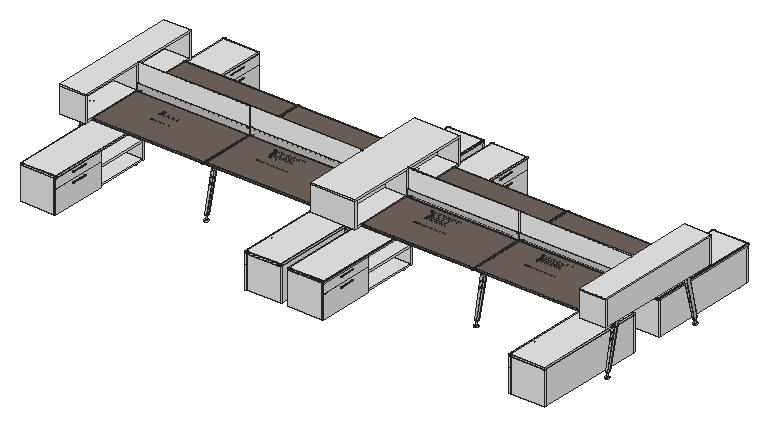
Revit family "T200005", category Furniture, Revit 2015 (continued)
Definition of nested family "OFS_ELEVEN-WORKSPACE_BASES_BENCHING_8-PERSON"
  Forms (in)
    Extrusion 85, solid
      sketch origin (47, 0, 0) x (0, 1, 0) y (0, 0, 1)
        loop
          line (-15.32549, 25.79204) -> (-14.82888, 25.79204) -> (-14.81062, 26.14068) -> (-14.70161, 26.14068) -> (-14.6367, 26.02826) -> (-14.55456, 26.02826) -> (-14.486, 26.14068) -> (-14.486, 27.39504) -> (-14.55456, 27.51378) -> (-14.63287, 27.51378) -> (-14.7049, 27.39567) -> (-14.81032, 27.39567) -> (-14.82888, 27.75) -> (-15.32549, 27.75) -> (-15.34405, 27.39567) -> (-15.44948, 27.39567) -> (-15.52151, 27.51378) -> (-15.59982, 27.51378) -> (-15.668, 27.39569) -> (-15.668, 26.14006) -> (-15.59982, 26.02826) -> (-15.51767, 26.02826) -> (-15.45276, 26.14068) -> (-15.34375, 26.14068) -> (-15.32549, 25.79204)
      from -94.01414 to -47.98586
    Extrusion 86, solid
      sketch origin (47, 0, 0) x (0, -1, 0) y (0, 0, -1)
        loop
          line (-15.32549, -25.79204) -> (-15.34375, -26.14068) -> (-15.45276, -26.14068) -> (-15.51767, -26.02826) -> (-15.59982, -26.02826) -> (-15.668, -26.14006) -> (-15.668, -27.39569) -> (-15.59982, -27.51378) -> (-15.52151, -27.51378) -> (-15.44948, -27.39567) -> (-15.34405, -27.39567) -> (-15.32549, -27.75) -> (-14.82888, -27.75) -> (-14.81032, -27.39567) -> (-14.7049, -27.39567) -> (-14.63287, -27.51378) -> (-14.55456, -27.51378) -> (-14.486, -27.39504) -> (-14.486, -26.14068) -> (-14.55456, -26.02826) -> (-14.6367, -26.02826) -> (-14.70161, -26.14068) -> (-14.81062, -26.14068) -> (-14.82888, -25.79204) -> (-15.32549, -25.79204)
      from -94.01414 to -47.98586
    Extrusion 87, solid
      sketch origin (95, 0, 0) x (0, 1, 0) y (0, 0, 1)
        loop
          line (-15.32549, 25.79204) -> (-14.82888, 25.79204) -> (-14.81062, 26.14068) -> (-14.70161, 26.14068) -> (-14.6367, 26.02826) -> (-14.55456, 26.02826) -> (-14.486, 26.14068) -> (-14.486, 27.39504) -> (-14.55456, 27.51378) -> (-14.63287, 27.51378) -> (-14.7049, 27.39567) -> (-14.81032, 27.39567) -> (-14.82888, 27.75) -> (-15.32549, 27.75) -> (-15.34405, 27.39567) -> (-15.44948, 27.39567) -> (-15.52151, 27.51378) -> (-15.59982, 27.51378) -> (-15.668, 27.39569) -> (-15.668, 26.14006) -> (-15.59982, 26.02826) -> (-15.51767, 26.02826) -> (-15.45276, 26.14068) -> (-15.34375, 26.14068) -> (-15.32549, 25.79204)
      from -94.01414 to -47.98586
    Extrusion 88, solid
      sketch origin (95, 0, 0) x (0, -1, 0) y (0, 0, -1)
        loop
          line (-15.32549, -25.79204) -> (-15.34375, -26.14068) -> (-15.45276, -26.14068) -> (-15.51767, -26.02826) -> (-15.59982, -26.02826) -> (-15.668, -26.14006) -> (-15.668, -27.39569) -> (-15.59982, -27.51378) -> (-15.52151, -27.51378) -> (-15.44948, -27.39567) -> (-15.34405, -27.39567) -> (-15.32549, -27.75) -> (-14.82888, -27.75) -> (-14.81032, -27.39567) -> (-14.7049, -27.39567) -> (-14.63287, -27.51378) -> (-14.55456, -27.51378) -> (-14.486, -27.39504) -> (-14.486, -26.14068) -> (-14.55456, -26.02826) -> (-14.6367, -26.02826) -> (-14.70161, -26.14068) -> (-14.81062, -26.14068) -> (-14.82888, -25.79204) -> (-15.32549, -25.79204)
      from -94.01414 to -47.98586
    Extrusion 89, solid
      sketch origin (92, 0, 0) x (1, 0, 0) y (0, 0, 1)
        loop
          line (-43.01414, 27.75) -> (-43.14405, 27.75) -> (-43.16234, 27.40137) -> (-43.27135, 27.40137) -> (-43.33627, 27.51378) -> (-43.41839, 27.51378) -> (-43.4866, 27.40137) -> (-43.4866, 26.14638) -> (-43.41839, 26.02826) -> (-43.33627, 26.02826) -> (-43.26806, 26.14067) -> (-43.16234, 26.14067) -> (-43.14405, 25.79204) -> (-43.01414, 25.79204) -> (-43.01414, 27.75)
        loop
          line (-44.98586, 27.75) -> (-44.98586, 25.79204) -> (-44.85595, 25.79204) -> (-44.83766, 26.14067) -> (-44.73194, 26.14067) -> (-44.66373, 26.02826) -> (-44.58161, 26.02826) -> (-44.5134, 26.14638) -> (-44.5134, 27.40137) -> (-44.58161, 27.51378) -> (-44.66373, 27.51378) -> (-44.72865, 27.40137) -> (-44.83766, 27.40137) -> (-44.85595, 27.75) -> (-44.98586, 27.75)
      from 15.825 to -15.825
    Extrusion 90, solid
      sketch origin (86, 0, 0) x (1, 0, 0) y (0, 0, 1)
        loop
          line (-43.01414, 27.75) -> (-43.14405, 27.75) -> (-43.16234, 27.40137) -> (-43.27135, 27.40137) -> (-43.33627, 27.51378) -> (-43.41839, 27.51378) -> (-43.4866, 27.40137) -> (-43.4866, 26.14638) -> (-43.41839, 26.02826) -> (-43.33627, 26.02826) -> (-43.26806, 26.14067) -> (-43.16234, 26.14067) -> (-43.14405, 25.79204) -> (-43.01414, 25.79204) -> (-43.01414, 27.75)
        loop
          line (-44.98586, 27.75) -> (-44.98586, 25.79204) -> (-44.85595, 25.79204) -> (-44.83766, 26.14067) -> (-44.73194, 26.14067) -> (-44.66373, 26.02826) -> (-44.58161, 26.02826) -> (-44.5134, 26.14638) -> (-44.5134, 27.40137) -> (-44.58161, 27.51378) -> (-44.66373, 27.51378) -> (-44.72865, 27.40137) -> (-44.83766, 27.40137) -> (-44.85595, 27.75) -> (-44.98586, 27.75)
      from 14.486 to -14.486
    Extrusion 91, solid
      sketch origin (46, -25, 0) x (1, 0, 0) y (0, 0, -1)
        loop
          line (-4.85595, -27.75) -> (-3.14405, -27.75) -> (-3.16234, -27.40137) -> (-3.27135, -27.40137) -> (-3.33627, -27.51378) -> (-3.41839, -27.51378) -> (-3.4866, -27.40137) -> (-3.4866, -26.14638) -> (-3.41839, -26.02826) -> (-3.33627, -26.02826) -> (-3.26806, -26.14067) -> (-3.16234, -26.14067) -> (-3.14405, -25.79204) -> (-4.85595, -25.79204) -> (-4.83766, -26.14067) -> (-4.73194, -26.14067) -> (-4.66373, -26.02826) -> (-4.58161, -26.02826) -> (-4.5134, -26.14638) -> (-4.5134, -27.40137) -> (-4.58161, -27.51378) -> (-4.66373, -27.51378) -> (-4.72865, -27.40137) -> (-4.83766, -27.40137) -> (-4.85595, -27.75)
      from 10.7576 to 11.87112
    Extrusion 92, solid
      sketch origin (67.75, 0, 0) x (0, 1, 0) y (0, 0, 1)
        loop
          line (-14.82888, 27.75) -> (-14.81032, 27.39567) -> (-14.7049, 27.39567) -> (-14.63287, 27.51378) -> (-14.55456, 27.51378) -> (-14.486, 27.39504) -> (-14.2424, 27.39504) -> (-14.2424, 27.75) -> (-14.82888, 27.75)
        loop
          line (-14.82888, 25.79204) -> (-14.2424, 25.79204) -> (-14.2424, 26.147) -> (-14.486, 26.147) -> (-14.55456, 26.02826) -> (-14.63287, 26.02826) -> (-14.7049, 26.14638) -> (-14.81032, 26.14638) -> (-14.82888, 25.79204)
      from -24.91234 to -26.58766
    Extrusion 93, solid
      sketch origin (64.75, 0, 0) x (0, -1, 0) y (0, 0, -1)
        loop
          line (-14.82888, -27.75) -> (-14.2424, -27.75) -> (-14.2424, -27.39504) -> (-14.486, -27.39504) -> (-14.55456, -27.51378) -> (-14.63287, -27.51378) -> (-14.7049, -27.39567) -> (-14.81032, -27.39567) -> (-14.82888, -27.75)
        loop
          line (-14.82888, -25.79204) -> (-14.81032, -26.14638) -> (-14.7049, -26.14638) -> (-14.63287, -26.02826) -> (-14.55456, -26.02826) -> (-14.486, -26.147) -> (-14.2424, -26.147) -> (-14.2424, -25.79204) -> (-14.82888, -25.79204)
      from -21.89405 to -23.60595
    Extrusion 94, solid
      sketch origin (46, 25, 0) x (1, 0, 0) y (0, 0, 1)
        loop
          line (-4.85595, 27.75) -> (-4.83766, 27.40137) -> (-4.72865, 27.40137) -> (-4.66373, 27.51378) -> (-4.58161, 27.51378) -> (-4.5134, 27.40137) -> (-4.5134, 26.14638) -> (-4.58161, 26.02826) -> (-4.66373, 26.02826) -> (-4.73194, 26.14067) -> (-4.83766, 26.14067) -> (-4.85595, 25.79204) -> (-3.14405, 25.79204) -> (-3.16234, 26.14067) -> (-3.26806, 26.14067) -> (-3.33627, 26.02826) -> (-3.41839, 26.02826) -> (-3.4866, 26.14638) -> (-3.4866, 27.40137) -> (-3.41839, 27.51378) -> (-3.33627, 27.51378) -> (-3.27135, 27.40137) -> (-3.16234, 27.40137) -> (-3.14405, 27.75) -> (-4.85595, 27.75)
      from 11.87112 to 10.7576
    Extrusion 95, solid
      sketch origin (16, 11.105, 0) x (-1, 0, 0) y (0, 0, -1)
        loop
          line (-26.85595, -27.75) -> (-25.14405, -27.75) -> (-25.16234, -27.40137) -> (-25.27135, -27.40137) -> (-25.33627, -27.51378) -> (-25.41839, -27.51378) -> (-25.4866, -27.40137) -> (-25.4866, -26.14638) -> (-25.41839, -26.02826) -> (-25.33627, -26.02826) -> (-25.26806, -26.14067) -> (-25.16234, -26.14067) -> (-25.14405, -25.79204) -> (-26.85595, -25.79204) -> (-26.83766, -26.14067) -> (-26.73194, -26.14067) -> (-26.66373, -26.02826) -> (-26.58161, -26.02826) -> (-26.5134, -26.14638) -> (-26.5134, -27.40137) -> (-26.58161, -27.51378) -> (-26.66373, -27.51378) -> (-26.72865, -27.40137) -> (-26.83766, -27.40137) -> (-26.85595, -27.75)
      from 9.175 to 13.035
    Extrusion 96, solid, visible <- "END-CNTR-END"
      sketch origin (16, 0, 27.75) x (0, 1, 0) y (-1, 0, 0)
        loop
          line (0.59, -26.545) -> (0.59, -25.455)
          arc (0.59, -25.455) -> (0.50799, -25.25701) -> (0.31, -25.175) r 0.28
          line (0.31, -25.175) -> (-0.31, -25.175)
          arc (-0.31, -25.175) -> (-0.50799, -25.25701) -> (-0.59, -25.455) r 0.28
          line (-0.59, -25.455) -> (-0.59, -26.545)
          arc (-0.59, -26.545) -> (-0.50799, -26.74299) -> (-0.31, -26.825) r 0.28
          line (-0.31, -26.825) -> (0.31, -26.825)
          arc (0.31, -26.825) -> (0.50799, -26.74299) -> (0.59, -26.545) r 0.28
      from 0.20214 to 0
    Extrusion 97, solid, visible <- "END-CNTR-END"
      sketch origin (16.355, -0.245, 28.04803) x (0, 1, 0) y (-1, 0, 0)
        loop
          line (0.59, -26.545) -> (0.59, -24.74161)
          arc (0.59, -24.74161) -> (0.50799, -24.54362) -> (0.31, -24.46161) r 0.28
          line (0.31, -24.46161) -> (0.18, -24.46161)
          arc (0.18, -24.46161) -> (-0.01799, -24.54362) -> (-0.1, -24.74161) r 0.28
          line (-0.1, -24.74161) -> (-0.1, -26.545)
          arc (-0.1, -26.545) -> (-0.01799, -26.74299) -> (0.18, -26.825) r 0.28
          line (0.18, -26.825) -> (0.31, -26.825)
          arc (0.31, -26.825) -> (0.50799, -26.74299) -> (0.59, -26.545) r 0.28
      from 0.19939 to 0.00254
    Extrusion 98, solid
      sketch origin (68, 0, 0) x (1, 0, 0) y (0, 0, 1)
        loop
          line (-43.01414, 27.75) -> (-43.14405, 27.75) -> (-43.16234, 27.40137) -> (-43.27135, 27.40137) -> (-43.33627, 27.51378) -> (-43.41839, 27.51378) -> (-43.4866, 27.40137) -> (-43.4866, 26.14638) -> (-43.41839, 26.02826) -> (-43.33627, 26.02826) -> (-43.26806, 26.14067) -> (-43.16234, 26.14067) -> (-43.14405, 25.79204) -> (-43.01414, 25.79204) -> (-43.01414, 27.75)
        loop
          line (-44.98586, 27.75) -> (-44.98586, 25.79204) -> (-44.85595, 25.79204) -> (-44.83766, 26.14067) -> (-44.73194, 26.14067) -> (-44.66373, 26.02826) -> (-44.58161, 26.02826) -> (-44.5134, 26.14638) -> (-44.5134, 27.40137) -> (-44.58161, 27.51378) -> (-44.66373, 27.51378) -> (-44.72865, 27.40137) -> (-44.83766, 27.40137) -> (-44.85595, 27.75) -> (-44.98586, 27.75)
      from 14.486 to -14.486
    Extrusion 99, solid
      sketch origin (28, -25, 0) x (1, 0, 0) y (0, 0, -1)
        loop
          line (-4.85595, -27.75) -> (-3.14405, -27.75) -> (-3.16234, -27.40137) -> (-3.27135, -27.40137) -> (-3.33627, -27.51378) -> (-3.41839, -27.51378) -> (-3.4866, -27.40137) -> (-3.4866, -26.14638) -> (-3.41839, -26.02826) -> (-3.33627, -26.02826) -> (-3.26806, -26.14067) -> (-3.16234, -26.14067) -> (-3.14405, -25.79204) -> (-4.85595, -25.79204) -> (-4.83766, -26.14067) -> (-4.73194, -26.14067) -> (-4.66373, -26.02826) -> (-4.58161, -26.02826) -> (-4.5134, -26.14638) -> (-4.5134, -27.40137) -> (-4.58161, -27.51378) -> (-4.66373, -27.51378) -> (-4.72865, -27.40137) -> (-4.83766, -27.40137) -> (-4.85595, -27.75)
      from 10.7576 to 11.87112
    Extrusion 100, solid
      sketch origin (52.75, 0, 0) x (0, 1, 0) y (0, 0, 1)
        loop
          line (-14.82888, 27.75) -> (-14.81032, 27.39567) -> (-14.7049, 27.39567) -> (-14.63287, 27.51378) -> (-14.55456, 27.51378) -> (-14.486, 27.39504) -> (-14.2424, 27.39504) -> (-14.2424, 27.75) -> (-14.82888, 27.75)
        loop
          line (-14.82888, 25.79204) -> (-14.2424, 25.79204) -> (-14.2424, 26.147) -> (-14.486, 26.147) -> (-14.55456, 26.02826) -> (-14.63287, 26.02826) -> (-14.7049, 26.14638) -> (-14.81032, 26.14638) -> (-14.82888, 25.79204)
      from -27.91234 to -29.58766
    Extrusion 101, solid
      sketch origin (49.75, 0, 0) x (0, -1, 0) y (0, 0, -1)
        loop
          line (-14.82888, -27.75) -> (-14.2424, -27.75) -> (-14.2424, -27.39504) -> (-14.486, -27.39504) -> (-14.55456, -27.51378) -> (-14.63287, -27.51378) -> (-14.7049, -27.39567) -> (-14.81032, -27.39567) -> (-14.82888, -27.75)
        loop
          line (-14.82888, -25.79204) -> (-14.81032, -26.14638) -> (-14.7049, -26.14638) -> (-14.63287, -26.02826) -> (-14.55456, -26.02826) -> (-14.486, -26.147) -> (-14.2424, -26.147) -> (-14.2424, -25.79204) -> (-14.82888, -25.79204)
      from -24.89405 to -26.60595
    Extrusion 102, solid
      sketch origin (28, 25, 0) x (1, 0, 0) y (0, 0, 1)
        loop
          line (-4.85595, 27.75) -> (-4.83766, 27.40137) -> (-4.72865, 27.40137) -> (-4.66373, 27.51378) -> (-4.58161, 27.51378) -> (-4.5134, 27.40137) -> (-4.5134, 26.14638) -> (-4.58161, 26.02826) -> (-4.66373, 26.02826) -> (-4.73194, 26.14067) -> (-4.83766, 26.14067) -> (-4.85595, 25.79204) -> (-3.14405, 25.79204) -> (-3.16234, 26.14067) -> (-3.26806, 26.14067) -> (-3.33627, 26.02826) -> (-3.41839, 26.02826) -> (-3.4866, 26.14638) -> (-3.4866, 27.40137) -> (-3.41839, 27.51378) -> (-3.33627, 27.51378) -> (-3.27135, 27.40137) -> (-3.16234, 27.40137) -> (-3.14405, 27.75) -> (-4.85595, 27.75)
      from 11.87112 to 10.7576
    Extrusion 103, solid
      sketch origin (-2, 11.105, 0) x (-1, 0, 0) y (0, 0, -1)
        loop
          line (-26.85595, -27.75) -> (-25.14405, -27.75) -> (-25.16234, -27.40137) -> (-25.27135, -27.40137) -> (-25.33627, -27.51378) -> (-25.41839, -27.51378) -> (-25.4866, -27.40137) -> (-25.4866, -26.14638) -> (-25.41839, -26.02826) -> (-25.33627, -26.02826) -> (-25.26806, -26.14067) -> (-25.16234, -26.14067) -> (-25.14405, -25.79204) -> (-26.85595, -25.79204) -> (-26.83766, -26.14067) -> (-26.73194, -26.14067) -> (-26.66373, -26.02826) -> (-26.58161, -26.02826) -> (-26.5134, -26.14638) -> (-26.5134, -27.40137) -> (-26.58161, -27.51378) -> (-26.66373, -27.51378) -> (-26.72865, -27.40137) -> (-26.83766, -27.40137) -> (-26.85595, -27.75)
      from 9.175 to 13.035
    Extrusion 104, solid
      sketch origin (-2, 0, 27.75) x (0, 1, 0) y (-1, 0, 0)
        loop
          line (0.59, -26.545) -> (0.59, -25.455)
          arc (0.59, -25.455) -> (0.50799, -25.25701) -> (0.31, -25.175) r 0.28
          line (0.31, -25.175) -> (-0.31, -25.175)
          arc (-0.31, -25.175) -> (-0.50799, -25.25701) -> (-0.59, -25.455) r 0.28
          line (-0.59, -25.455) -> (-0.59, -26.545)
          arc (-0.59, -26.545) -> (-0.50799, -26.74299) -> (-0.31, -26.825) r 0.28
          line (-0.31, -26.825) -> (0.31, -26.825)
          arc (0.31, -26.825) -> (0.50799, -26.74299) -> (0.59, -26.545) r 0.28
      from 0.20214 to 0
    Extrusion 105, solid
      sketch origin (-1.645, -0.245, 28.04803) x (0, 1, 0) y (-1, 0, 0)
        loop
          line (0.59, -26.545) -> (0.59, -24.74161)
          arc (0.59, -24.74161) -> (0.50799, -24.54362) -> (0.31, -24.46161) r 0.28
          line (0.31, -24.46161) -> (0.18, -24.46161)
          arc (0.18, -24.46161) -> (-0.01799, -24.54362) -> (-0.1, -24.74161) r 0.28
          line (-0.1, -24.74161) -> (-0.1, -26.545)
          arc (-0.1, -26.545) -> (-0.01799, -26.74299) -> (0.18, -26.825) r 0.28
          line (0.18, -26.825) -> (0.31, -26.825)
          arc (0.31, -26.825) -> (0.50799, -26.74299) -> (0.59, -26.545) r 0.28
      from 0.19939 to 0.00254
    Extrusion 106, solid
      sketch origin (50, 0, 0) x (1, 0, 0) y (0, 0, 1)
        loop
          line (-43.01414, 27.75) -> (-43.14405, 27.75) -> (-43.16234, 27.40137) -> (-43.27135, 27.40137) -> (-43.33627, 27.51378) -> (-43.41839, 27.51378) -> (-43.4866, 27.40137) -> (-43.4866, 26.14638) -> (-43.41839, 26.02826) -> (-43.33627, 26.02826) -> (-43.26806, 26.14067) -> (-43.16234, 26.14067) -> (-43.14405, 25.79204) -> (-43.01414, 25.79204) -> (-43.01414, 27.75)
        loop
          line (-44.98586, 27.75) -> (-44.98586, 25.79204) -> (-44.85595, 25.79204) -> (-44.83766, 26.14067) -> (-44.73194, 26.14067) -> (-44.66373, 26.02826) -> (-44.58161, 26.02826) -> (-44.5134, 26.14638) -> (-44.5134, 27.40137) -> (-44.58161, 27.51378) -> (-44.66373, 27.51378) -> (-44.72865, 27.40137) -> (-44.83766, 27.40137) -> (-44.85595, 27.75) -> (-44.98586, 27.75)
      from 14.486 to -14.486
    Extrusion 107, solid
      sketch origin (10, -25, 0) x (1, 0, 0) y (0, 0, -1)
        loop
          line (-4.85595, -27.75) -> (-3.14405, -27.75) -> (-3.16234, -27.40137) -> (-3.27135, -27.40137) -> (-3.33627, -27.51378) -> (-3.41839, -27.51378) -> (-3.4866, -27.40137) -> (-3.4866, -26.14638) -> (-3.41839, -26.02826) -> (-3.33627, -26.02826) -> (-3.26806, -26.14067) -> (-3.16234, -26.14067) -> (-3.14405, -25.79204) -> (-4.85595, -25.79204) -> (-4.83766, -26.14067) -> (-4.73194, -26.14067) -> (-4.66373, -26.02826) -> (-4.58161, -26.02826) -> (-4.5134, -26.14638) -> (-4.5134, -27.40137) -> (-4.58161, -27.51378) -> (-4.66373, -27.51378) -> (-4.72865, -27.40137) -> (-4.83766, -27.40137) -> (-4.85595, -27.75)
      from 10.7576 to 11.87112
    Extrusion 108, solid
      sketch origin (37.75, 0, 0) x (0, 1, 0) y (0, 0, 1)
        loop
          line (-14.82888, 27.75) -> (-14.81032, 27.39567) -> (-14.7049, 27.39567) -> (-14.63287, 27.51378) -> (-14.55456, 27.51378) -> (-14.486, 27.39504) -> (-14.2424, 27.39504) -> (-14.2424, 27.75) -> (-14.82888, 27.75)
        loop
          line (-14.82888, 25.79204) -> (-14.2424, 25.79204) -> (-14.2424, 26.147) -> (-14.486, 26.147) -> (-14.55456, 26.02826) -> (-14.63287, 26.02826) -> (-14.7049, 26.14638) -> (-14.81032, 26.14638) -> (-14.82888, 25.79204)
      from -30.91234 to -32.58766
    Extrusion 109, solid
      sketch origin (34.75, 0, 0) x (0, -1, 0) y (0, 0, -1)
        loop
          line (-14.82888, -27.75) -> (-14.2424, -27.75) -> (-14.2424, -27.39504) -> (-14.486, -27.39504) -> (-14.55456, -27.51378) -> (-14.63287, -27.51378) -> (-14.7049, -27.39567) -> (-14.81032, -27.39567) -> (-14.82888, -27.75)
        loop
          line (-14.82888, -25.79204) -> (-14.81032, -26.14638) -> (-14.7049, -26.14638) -> (-14.63287, -26.02826) -> (-14.55456, -26.02826) -> (-14.486, -26.147) -> (-14.2424, -26.147) -> (-14.2424, -25.79204) -> (-14.82888, -25.79204)
      from -27.89405 to -29.60595
    Extrusion 110, solid
      sketch origin (10, 25, 0) x (1, 0, 0) y (0, 0, 1)
        loop
          line (-4.85595, 27.75) -> (-4.83766, 27.40137) -> (-4.72865, 27.40137) -> (-4.66373, 27.51378) -> (-4.58161, 27.51378) -> (-4.5134, 27.40137) -> (-4.5134, 26.14638) -> (-4.58161, 26.02826) -> (-4.66373, 26.02826) -> (-4.73194, 26.14067) -> (-4.83766, 26.14067) -> (-4.85595, 25.79204) -> (-3.14405, 25.79204) -> (-3.16234, 26.14067) -> (-3.26806, 26.14067) -> (-3.33627, 26.02826) -> (-3.41839, 26.02826) -> (-3.4866, 26.14638) -> (-3.4866, 27.40137) -> (-3.41839, 27.51378) -> (-3.33627, 27.51378) -> (-3.27135, 27.40137) -> (-3.16234, 27.40137) -> (-3.14405, 27.75) -> (-4.85595, 27.75)
      from 11.87112 to 10.7576
    Extrusion 111, solid
      sketch origin (-20, 11.105, 0) x (-1, 0, 0) y (0, 0, -1)
        loop
          line (-26.85595, -27.75) -> (-25.14405, -27.75) -> (-25.16234, -27.40137) -> (-25.27135, -27.40137) -> (-25.33627, -27.51378) -> (-25.41839, -27.51378) -> (-25.4866, -27.40137) -> (-25.4866, -26.14638) -> (-25.41839, -26.02826) -> (-25.33627, -26.02826) -> (-25.26806, -26.14067) -> (-25.16234, -26.14067) -> (-25.14405, -25.79204) -> (-26.85595, -25.79204) -> (-26.83766, -26.14067) -> (-26.73194, -26.14067) -> (-26.66373, -26.02826) -> (-26.58161, -26.02826) -> (-26.5134, -26.14638) -> (-26.5134, -27.40137) -> (-26.58161, -27.51378) -> (-26.66373, -27.51378) -> (-26.72865, -27.40137) -> (-26.83766, -27.40137) -> (-26.85595, -27.75)
      from 9.175 to 13.035
    Extrusion 112, solid, visible <- "END-CNTR-CNTR-CNTR"
      sketch origin (-20, 0, 27.75) x (0, 1, 0) y (-1, 0, 0)
        loop
          line (0.59, -26.545) -> (0.59, -25.455)
          arc (0.59, -25.455) -> (0.50799, -25.25701) -> (0.31, -25.175) r 0.28
          line (0.31, -25.175) -> (-0.31, -25.175)
          arc (-0.31, -25.175) -> (-0.50799, -25.25701) -> (-0.59, -25.455) r 0.28
          line (-0.59, -25.455) -> (-0.59, -26.545)
          arc (-0.59, -26.545) -> (-0.50799, -26.74299) -> (-0.31, -26.825) r 0.28
          line (-0.31, -26.825) -> (0.31, -26.825)
          arc (0.31, -26.825) -> (0.50799, -26.74299) -> (0.59, -26.545) r 0.28
      from 0.20214 to 0
    Extrusion 113, solid, visible <- "END-CNTR-CNTR-CNTR"
      sketch origin (-19.645, -0.245, 28.04803) x (0, 1, 0) y (-1, 0, 0)
        loop
          line (0.59, -26.545) -> (0.59, -24.74161)
          arc (0.59, -24.74161) -> (0.50799, -24.54362) -> (0.31, -24.46161) r 0.28
          line (0.31, -24.46161) -> (0.18, -24.46161)
          arc (0.18, -24.46161) -> (-0.01799, -24.54362) -> (-0.1, -24.74161) r 0.28
          line (-0.1, -24.74161) -> (-0.1, -26.545)
          arc (-0.1, -26.545) -> (-0.01799, -26.74299) -> (0.18, -26.825) r 0.28
          line (0.18, -26.825) -> (0.31, -26.825)
          arc (0.31, -26.825) -> (0.50799, -26.74299) -> (0.59, -26.545) r 0.28
      from 0.19939 to 0.00254
    Extrusion 114, solid
      sketch origin (38, 0, 0) x (1, 0, 0) y (0, 0, 1)
        loop
          line (-43.01414, 27.75) -> (-43.14405, 27.75) -> (-43.16234, 27.40137) -> (-43.27135, 27.40137) -> (-43.33627, 27.51378) -> (-43.41839, 27.51378) -> (-43.4866, 27.40137) -> (-43.4866, 26.14638) -> (-43.41839, 26.02826) -> (-43.33627, 26.02826) -> (-43.26806, 26.14067) -> (-43.16234, 26.14067) -> (-43.14405, 25.79204) -> (-43.01414, 25.79204) -> (-43.01414, 27.75)
        loop
          line (-44.98586, 27.75) -> (-44.98586, 25.79204) -> (-44.85595, 25.79204) -> (-44.83766, 26.14067) -> (-44.73194, 26.14067) -> (-44.66373, 26.02826) -> (-44.58161, 26.02826) -> (-44.5134, 26.14638) -> (-44.5134, 27.40137) -> (-44.58161, 27.51378) -> (-44.66373, 27.51378) -> (-44.72865, 27.40137) -> (-44.83766, 27.40137) -> (-44.85595, 27.75) -> (-44.98586, 27.75)
      from 14.486 to -14.486
    Extrusion 115, solid
      sketch origin (-2, -25, 0) x (1, 0, 0) y (0, 0, -1)
        loop
          line (-4.85595, -27.75) -> (-3.14405, -27.75) -> (-3.16234, -27.40137) -> (-3.27135, -27.40137) -> (-3.33627, -27.51378) -> (-3.41839, -27.51378) -> (-3.4866, -27.40137) -> (-3.4866, -26.14638) -> (-3.41839, -26.02826) -> (-3.33627, -26.02826) -> (-3.26806, -26.14067) -> (-3.16234, -26.14067) -> (-3.14405, -25.79204) -> (-4.85595, -25.79204) -> (-4.83766, -26.14067) -> (-4.73194, -26.14067) -> (-4.66373, -26.02826) -> (-4.58161, -26.02826) -> (-4.5134, -26.14638) -> (-4.5134, -27.40137) -> (-4.58161, -27.51378) -> (-4.66373, -27.51378) -> (-4.72865, -27.40137) -> (-4.83766, -27.40137) -> (-4.85595, -27.75)
      from 10.7576 to 11.87112
    Extrusion 116, solid
      sketch origin (13.75, 0, 0) x (0, 1, 0) y (0, 0, 1)
        loop
          line (-14.82888, 27.75) -> (-14.81032, 27.39567) -> (-14.7049, 27.39567) -> (-14.63287, 27.51378) -> (-14.55456, 27.51378) -> (-14.486, 27.39504) -> (-14.2424, 27.39504) -> (-14.2424, 27.75) -> (-14.82888, 27.75)
        loop
          line (-14.82888, 25.79204) -> (-14.2424, 25.79204) -> (-14.2424, 26.147) -> (-14.486, 26.147) -> (-14.55456, 26.02826) -> (-14.63287, 26.02826) -> (-14.7049, 26.14638) -> (-14.81032, 26.14638) -> (-14.82888, 25.79204)
      from -18.91234 to -20.58766
    Extrusion 117, solid
      sketch origin (10.75, 0, 0) x (0, -1, 0) y (0, 0, -1)
        loop
          line (-14.82888, -27.75) -> (-14.2424, -27.75) -> (-14.2424, -27.39504) -> (-14.486, -27.39504) -> (-14.55456, -27.51378) -> (-14.63287, -27.51378) -> (-14.7049, -27.39567) -> (-14.81032, -27.39567) -> (-14.82888, -27.75)
        loop
          line (-14.82888, -25.79204) -> (-14.81032, -26.14638) -> (-14.7049, -26.14638) -> (-14.63287, -26.02826) -> (-14.55456, -26.02826) -> (-14.486, -26.147) -> (-14.2424, -26.147) -> (-14.2424, -25.79204) -> (-14.82888, -25.79204)
      from -15.89405 to -17.60595
    Extrusion 118, solid
      sketch origin (-2, 25, 0) x (1, 0, 0) y (0, 0, 1)
        loop
          line (-4.85595, 27.75) -> (-4.83766, 27.40137) -> (-4.72865, 27.40137) -> (-4.66373, 27.51378) -> (-4.58161, 27.51378) -> (-4.5134, 27.40137) -> (-4.5134, 26.14638) -> (-4.58161, 26.02826) -> (-4.66373, 26.02826) -> (-4.73194, 26.14067) -> (-4.83766, 26.14067) -> (-4.85595, 25.79204) -> (-3.14405, 25.79204) -> (-3.16234, 26.14067) -> (-3.26806, 26.14067) -> (-3.33627, 26.02826) -> (-3.41839, 26.02826) -> (-3.4866, 26.14638) -> (-3.4866, 27.40137) -> (-3.41839, 27.51378) -> (-3.33627, 27.51378) -> (-3.27135, 27.40137) -> (-3.16234, 27.40137) -> (-3.14405, 27.75) -> (-4.85595, 27.75)
      from 11.87112 to 10.7576
    Extrusion 119, solid
      sketch origin (-32, 11.105, 0) x (-1, 0, 0) y (0, 0, -1)
        loop
          line (-26.85595, -27.75) -> (-25.14405, -27.75) -> (-25.16234, -27.40137) -> (-25.27135, -27.40137) -> (-25.33627, -27.51378) -> (-25.41839, -27.51378) -> (-25.4866, -27.40137) -> (-25.4866, -26.14638) -> (-25.41839, -26.02826) -> (-25.33627, -26.02826) -> (-25.26806, -26.14067) -> (-25.16234, -26.14067) -> (-25.14405, -25.79204) -> (-26.85595, -25.79204) -> (-26.83766, -26.14067) -> (-26.73194, -26.14067) -> (-26.66373, -26.02826) -> (-26.58161, -26.02826) -> (-26.5134, -26.14638) -> (-26.5134, -27.40137) -> (-26.58161, -27.51378) -> (-26.66373, -27.51378) -> (-26.72865, -27.40137) -> (-26.83766, -27.40137) -> (-26.85595, -27.75)
      from 9.175 to 13.035
    Extrusion 120, solid, visible <- "NO STRG"
      sketch origin (-32, 0, 27.75) x (0, 1, 0) y (-1, 0, 0)
        loop
          line (0.59, -26.545) -> (0.59, -25.455)
          arc (0.59, -25.455) -> (0.50799, -25.25701) -> (0.31, -25.175) r 0.28
          line (0.31, -25.175) -> (-0.31, -25.175)
          arc (-0.31, -25.175) -> (-0.50799, -25.25701) -> (-0.59, -25.455) r 0.28
          line (-0.59, -25.455) -> (-0.59, -26.545)
          arc (-0.59, -26.545) -> (-0.50799, -26.74299) -> (-0.31, -26.825) r 0.28
          line (-0.31, -26.825) -> (0.31, -26.825)
          arc (0.31, -26.825) -> (0.50799, -26.74299) -> (0.59, -26.545) r 0.28
      from 0.20214 to 0
    Extrusion 121, solid, visible <- "NO STRG"
      sketch origin (-31.645, -0.245, 28.04803) x (0, 1, 0) y (-1, 0, 0)
        loop
          line (0.59, -26.545) -> (0.59, -24.74161)
          arc (0.59, -24.74161) -> (0.50799, -24.54362) -> (0.31, -24.46161) r 0.28
          line (0.31, -24.46161) -> (0.18, -24.46161)
          arc (0.18, -24.46161) -> (-0.01799, -24.54362) -> (-0.1, -24.74161) r 0.28
          line (-0.1, -24.74161) -> (-0.1, -26.545)
          arc (-0.1, -26.545) -> (-0.01799, -26.74299) -> (0.18, -26.825) r 0.28
          line (0.18, -26.825) -> (0.31, -26.825)
          arc (0.31, -26.825) -> (0.50799, -26.74299) -> (0.59, -26.545) r 0.28
      from 0.19939 to 0.00254
    Extrusion 122, solid
      sketch origin (20, 0, 0) x (1, 0, 0) y (0, 0, 1)
        loop
          line (-43.01414, 27.75) -> (-43.14405, 27.75) -> (-43.16234, 27.40137) -> (-43.27135, 27.40137) -> (-43.33627, 27.51378) -> (-43.41839, 27.51378) -> (-43.4866, 27.40137) -> (-43.4866, 26.14638) -> (-43.41839, 26.02826) -> (-43.33627, 26.02826) -> (-43.26806, 26.14067) -> (-43.16234, 26.14067) -> (-43.14405, 25.79204) -> (-43.01414, 25.79204) -> (-43.01414, 27.75)
        loop
          line (-44.98586, 27.75) -> (-44.98586, 25.79204) -> (-44.85595, 25.79204) -> (-44.83766, 26.14067) -> (-44.73194, 26.14067) -> (-44.66373, 26.02826) -> (-44.58161, 26.02826) -> (-44.5134, 26.14638) -> (-44.5134, 27.40137) -> (-44.58161, 27.51378) -> (-44.66373, 27.51378) -> (-44.72865, 27.40137) -> (-44.83766, 27.40137) -> (-44.85595, 27.75) -> (-44.98586, 27.75)
      from 14.486 to -14.486
    Extrusion 123, solid
      sketch origin (-20, -25, 0) x (1, 0, 0) y (0, 0, -1)
        loop
          line (-4.85595, -27.75) -> (-3.14405, -27.75) -> (-3.16234, -27.40137) -> (-3.27135, -27.40137) -> (-3.33627, -27.51378) -> (-3.41839, -27.51378) -> (-3.4866, -27.40137) -> (-3.4866, -26.14638) -> (-3.41839, -26.02826) -> (-3.33627, -26.02826) -> (-3.26806, -26.14067) -> (-3.16234, -26.14067) -> (-3.14405, -25.79204) -> (-4.85595, -25.79204) -> (-4.83766, -26.14067) -> (-4.73194, -26.14067) -> (-4.66373, -26.02826) -> (-4.58161, -26.02826) -> (-4.5134, -26.14638) -> (-4.5134, -27.40137) -> (-4.58161, -27.51378) -> (-4.66373, -27.51378) -> (-4.72865, -27.40137) -> (-4.83766, -27.40137) -> (-4.85595, -27.75)
      from 10.7576 to 11.87112
    Extrusion 124, solid
      sketch origin (-1.25, 0, 0) x (0, 1, 0) y (0, 0, 1)
        loop
          line (-14.82888, 27.75) -> (-14.81032, 27.39567) -> (-14.7049, 27.39567) -> (-14.63287, 27.51378) -> (-14.55456, 27.51378) -> (-14.486, 27.39504) -> (-14.2424, 27.39504) -> (-14.2424, 27.75) -> (-14.82888, 27.75)
        loop
          line (-14.82888, 25.79204) -> (-14.2424, 25.79204) -> (-14.2424, 26.147) -> (-14.486, 26.147) -> (-14.55456, 26.02826) -> (-14.63287, 26.02826) -> (-14.7049, 26.14638) -> (-14.81032, 26.14638) -> (-14.82888, 25.79204)
      from -21.91234 to -23.58766
    Extrusion 125, solid
      sketch origin (-4.25, 0, 0) x (0, -1, 0) y (0, 0, -1)
        loop
          line (-14.82888, -27.75) -> (-14.2424, -27.75) -> (-14.2424, -27.39504) -> (-14.486, -27.39504) -> (-14.55456, -27.51378) -> (-14.63287, -27.51378) -> (-14.7049, -27.39567) -> (-14.81032, -27.39567) -> (-14.82888, -27.75)
        loop
          line (-14.82888, -25.79204) -> (-14.81032, -26.14638) -> (-14.7049, -26.14638) -> (-14.63287, -26.02826) -> (-14.55456, -26.02826) -> (-14.486, -26.147) -> (-14.2424, -26.147) -> (-14.2424, -25.79204) -> (-14.82888, -25.79204)
      from -18.89405 to -20.60595
    Extrusion 126, solid
      sketch origin (-20, 25, 0) x (1, 0, 0) y (0, 0, 1)
        loop
          line (-4.85595, 27.75) -> (-4.83766, 27.40137) -> (-4.72865, 27.40137) -> (-4.66373, 27.51378) -> (-4.58161, 27.51378) -> (-4.5134, 27.40137) -> (-4.5134, 26.14638) -> (-4.58161, 26.02826) -> (-4.66373, 26.02826) -> (-4.73194, 26.14067) -> (-4.83766, 26.14067) -> (-4.85595, 25.79204) -> (-3.14405, 25.79204) -> (-3.16234, 26.14067) -> (-3.26806, 26.14067) -> (-3.33627, 26.02826) -> (-3.41839, 26.02826) -> (-3.4866, 26.14638) -> (-3.4866, 27.40137) -> (-3.41839, 27.51378) -> (-3.33627, 27.51378) -> (-3.27135, 27.40137) -> (-3.16234, 27.40137) -> (-3.14405, 27.75) -> (-4.85595, 27.75)
      from 11.87112 to 10.7576
    Extrusion 127, solid
      sketch origin (-50, 11.105, 0) x (-1, 0, 0) y (0, 0, -1)
        loop
          line (-26.85595, -27.75) -> (-25.14405, -27.75) -> (-25.16234, -27.40137) -> (-25.27135, -27.40137) -> (-25.33627, -27.51378) -> (-25.41839, -27.51378) -> (-25.4866, -27.40137) -> (-25.4866, -26.14638) -> (-25.41839, -26.02826) -> (-25.33627, -26.02826) -> (-25.26806, -26.14067) -> (-25.16234, -26.14067) -> (-25.14405, -25.79204) -> (-26.85595, -25.79204) -> (-26.83766, -26.14067) -> (-26.73194, -26.14067) -> (-26.66373, -26.02826) -> (-26.58161, -26.02826) -> (-26.5134, -26.14638) -> (-26.5134, -27.40137) -> (-26.58161, -27.51378) -> (-26.66373, -27.51378) -> (-26.72865, -27.40137) -> (-26.83766, -27.40137) -> (-26.85595, -27.75)
      from 9.175 to 13.035
    Extrusion 128, solid
      sketch origin (-50, 0, 27.75) x (0, 1, 0) y (-1, 0, 0)
        loop
          line (0.59, -26.545) -> (0.59, -25.455)
          arc (0.59, -25.455) -> (0.50799, -25.25701) -> (0.31, -25.175) r 0.28
          line (0.31, -25.175) -> (-0.31, -25.175)
          arc (-0.31, -25.175) -> (-0.50799, -25.25701) -> (-0.59, -25.455) r 0.28
          line (-0.59, -25.455) -> (-0.59, -26.545)
          arc (-0.59, -26.545) -> (-0.50799, -26.74299) -> (-0.31, -26.825) r 0.28
          line (-0.31, -26.825) -> (0.31, -26.825)
          arc (0.31, -26.825) -> (0.50799, -26.74299) -> (0.59, -26.545) r 0.28
      from 0.20214 to 0
    Extrusion 129, solid
      sketch origin (-49.645, -0.245, 28.04803) x (0, 1, 0) y (-1, 0, 0)
        loop
          line (0.59, -26.545) -> (0.59, -24.74161)
          arc (0.59, -24.74161) -> (0.50799, -24.54362) -> (0.31, -24.46161) r 0.28
          line (0.31, -24.46161) -> (0.18, -24.46161)
          arc (0.18, -24.46161) -> (-0.01799, -24.54362) -> (-0.1, -24.74161) r 0.28
          line (-0.1, -24.74161) -> (-0.1, -26.545)
          arc (-0.1, -26.545) -> (-0.01799, -26.74299) -> (0.18, -26.825) r 0.28
          line (0.18, -26.825) -> (0.31, -26.825)
          arc (0.31, -26.825) -> (0.50799, -26.74299) -> (0.59, -26.545) r 0.28
      from 0.19939 to 0.00254
    Extrusion 130, solid
      sketch origin (2, 0, 0) x (1, 0, 0) y (0, 0, 1)
        loop
          line (-43.01414, 27.75) -> (-43.14405, 27.75) -> (-43.16234, 27.40137) -> (-43.27135, 27.40137) -> (-43.33627, 27.51378) -> (-43.41839, 27.51378) -> (-43.4866, 27.40137) -> (-43.4866, 26.14638) -> (-43.41839, 26.02826) -> (-43.33627, 26.02826) -> (-43.26806, 26.14067) -> (-43.16234, 26.14067) -> (-43.14405, 25.79204) -> (-43.01414, 25.79204) -> (-43.01414, 27.75)
        loop
          line (-44.98586, 27.75) -> (-44.98586, 25.79204) -> (-44.85595, 25.79204) -> (-44.83766, 26.14067) -> (-44.73194, 26.14067) -> (-44.66373, 26.02826) -> (-44.58161, 26.02826) -> (-44.5134, 26.14638) -> (-44.5134, 27.40137) -> (-44.58161, 27.51378) -> (-44.66373, 27.51378) -> (-44.72865, 27.40137) -> (-44.83766, 27.40137) -> (-44.85595, 27.75) -> (-44.98586, 27.75)
      from 14.486 to -14.486
    Extrusion 131, solid
      sketch origin (-38, -25, 0) x (1, 0, 0) y (0, 0, -1)
        loop
          line (-4.85595, -27.75) -> (-3.14405, -27.75) -> (-3.16234, -27.40137) -> (-3.27135, -27.40137) -> (-3.33627, -27.51378) -> (-3.41839, -27.51378) -> (-3.4866, -27.40137) -> (-3.4866, -26.14638) -> (-3.41839, -26.02826) -> (-3.33627, -26.02826) -> (-3.26806, -26.14067) -> (-3.16234, -26.14067) -> (-3.14405, -25.79204) -> (-4.85595, -25.79204) -> (-4.83766, -26.14067) -> (-4.73194, -26.14067) -> (-4.66373, -26.02826) -> (-4.58161, -26.02826) -> (-4.5134, -26.14638) -> (-4.5134, -27.40137) -> (-4.58161, -27.51378) -> (-4.66373, -27.51378) -> (-4.72865, -27.40137) -> (-4.83766, -27.40137) -> (-4.85595, -27.75)
      from 10.7576 to 11.87112
    Extrusion 132, solid
      sketch origin (-16.25, 0, 0) x (0, 1, 0) y (0, 0, 1)
        loop
          line (-14.82888, 27.75) -> (-14.81032, 27.39567) -> (-14.7049, 27.39567) -> (-14.63287, 27.51378) -> (-14.55456, 27.51378) -> (-14.486, 27.39504) -> (-14.2424, 27.39504) -> (-14.2424, 27.75) -> (-14.82888, 27.75)
        loop
          line (-14.82888, 25.79204) -> (-14.2424, 25.79204) -> (-14.2424, 26.147) -> (-14.486, 26.147) -> (-14.55456, 26.02826) -> (-14.63287, 26.02826) -> (-14.7049, 26.14638) -> (-14.81032, 26.14638) -> (-14.82888, 25.79204)
      from -24.91234 to -26.58766
    Extrusion 133, solid
      sketch origin (-19.25, 0, 0) x (0, -1, 0) y (0, 0, -1)
        loop
          line (-14.82888, -27.75) -> (-14.2424, -27.75) -> (-14.2424, -27.39504) -> (-14.486, -27.39504) -> (-14.55456, -27.51378) -> (-14.63287, -27.51378) -> (-14.7049, -27.39567) -> (-14.81032, -27.39567) -> (-14.82888, -27.75)
        loop
          line (-14.82888, -25.79204) -> (-14.81032, -26.14638) -> (-14.7049, -26.14638) -> (-14.63287, -26.02826) -> (-14.55456, -26.02826) -> (-14.486, -26.147) -> (-14.2424, -26.147) -> (-14.2424, -25.79204) -> (-14.82888, -25.79204)
      from -21.89405 to -23.60595
    Extrusion 134, solid
      sketch origin (-38, 25, 0) x (1, 0, 0) y (0, 0, 1)
        loop
          line (-4.85595, 27.75) -> (-4.83766, 27.40137) -> (-4.72865, 27.40137) -> (-4.66373, 27.51378) -> (-4.58161, 27.51378) -> (-4.5134, 27.40137) -> (-4.5134, 26.14638) -> (-4.58161, 26.02826) -> (-4.66373, 26.02826) -> (-4.73194, 26.14067) -> (-4.83766, 26.14067) -> (-4.85595, 25.79204) -> (-3.14405, 25.79204) -> (-3.16234, 26.14067) -> (-3.26806, 26.14067) -> (-3.33627, 26.02826) -> (-3.41839, 26.02826) -> (-3.4866, 26.14638) -> (-3.4866, 27.40137) -> (-3.41839, 27.51378) -> (-3.33627, 27.51378) -> (-3.27135, 27.40137) -> (-3.16234, 27.40137) -> (-3.14405, 27.75) -> (-4.85595, 27.75)
      from 11.87112 to 10.7576
    Extrusion 135, solid
      sketch origin (-68, 11.105, 0) x (-1, 0, 0) y (0, 0, -1)
        loop
          line (-26.85595, -27.75) -> (-25.14405, -27.75) -> (-25.16234, -27.40137) -> (-25.27135, -27.40137) -> (-25.33627, -27.51378) -> (-25.41839, -27.51378) -> (-25.4866, -27.40137) -> (-25.4866, -26.14638) -> (-25.41839, -26.02826) -> (-25.33627, -26.02826) -> (-25.26806, -26.14067) -> (-25.16234, -26.14067) -> (-25.14405, -25.79204) -> (-26.85595, -25.79204) -> (-26.83766, -26.14067) -> (-26.73194, -26.14067) -> (-26.66373, -26.02826) -> (-26.58161, -26.02826) -> (-26.5134, -26.14638) -> (-26.5134, -27.40137) -> (-26.58161, -27.51378) -> (-26.66373, -27.51378) -> (-26.72865, -27.40137) -> (-26.83766, -27.40137) -> (-26.85595, -27.75)
      from 9.175 to 13.035
    Extrusion 136, solid
      sketch origin (-68, 0, 27.75) x (0, 1, 0) y (-1, 0, 0)
        loop
          line (0.59, -26.545) -> (0.59, -25.455)
          arc (0.59, -25.455) -> (0.50799, -25.25701) -> (0.31, -25.175) r 0.28
          line (0.31, -25.175) -> (-0.31, -25.175)
          arc (-0.31, -25.175) -> (-0.50799, -25.25701) -> (-0.59, -25.455) r 0.28
          line (-0.59, -25.455) -> (-0.59, -26.545)
          arc (-0.59, -26.545) -> (-0.50799, -26.74299) -> (-0.31, -26.825) r 0.28
          line (-0.31, -26.825) -> (0.31, -26.825)
          arc (0.31, -26.825) -> (0.50799, -26.74299) -> (0.59, -26.545) r 0.28
      from 0.20214 to 0
    Extrusion 137, solid
      sketch origin (-67.645, -0.245, 28.04803) x (0, 1, 0) y (-1, 0, 0)
        loop
          line (0.59, -26.545) -> (0.59, -24.74161)
          arc (0.59, -24.74161) -> (0.50799, -24.54362) -> (0.31, -24.46161) r 0.28
          line (0.31, -24.46161) -> (0.18, -24.46161)
          arc (0.18, -24.46161) -> (-0.01799, -24.54362) -> (-0.1, -24.74161) r 0.28
          line (-0.1, -24.74161) -> (-0.1, -26.545)
          arc (-0.1, -26.545) -> (-0.01799, -26.74299) -> (0.18, -26.825) r 0.28
          line (0.18, -26.825) -> (0.31, -26.825)
          arc (0.31, -26.825) -> (0.50799, -26.74299) -> (0.59, -26.545) r 0.28
      from 0.19939 to 0.00254
  Cuts and joins
    joined: Extrusion 18, Extrusion 19
    joined: Extrusion 20, Extrusion 21
    joined: Extrusion 23, Extrusion 24
    joined: Extrusion 25, Extrusion 26
    joined: Extrusion 30, Extrusion 31
    joined: Extrusion 28, Extrusion 29
    joined: Extrusion 52, Extrusion 53
    joined: Extrusion 57, Extrusion 58
    joined: Extrusion 50, Extrusion 51
    joined: Extrusion 55, Extrusion 56
    joined: Extrusion 45, Extrusion 46
    joined: Extrusion 47, Extrusion 48
    joined: Extrusion 133, Extrusion 134
    joined: Extrusion 131, Extrusion 132
    joined: Extrusion 123, Extrusion 124
    joined: Extrusion 125, Extrusion 126
    joined: Extrusion 117, Extrusion 118
    joined: Extrusion 115, Extrusion 116
    joined: Extrusion 107, Extrusion 108
    joined: Extrusion 109, Extrusion 110
    joined: Extrusion 101, Extrusion 102
    joined: Extrusion 99, Extrusion 100
    joined: Extrusion 91, Extrusion 92
    joined: Extrusion 93, Extrusion 94
  Lines and regions (in)
    Masking region 1
      outline origin (-46.04, 0, 0) x (-1, 0, 0) y (0, -1, 0)
        loop
          line (-46.57489, 23.51701) -> (-46.62376, 23.46815) -> (-47.02432, 15.825) -> (-45.05568, 15.825) -> (-45.45624, 23.46815) -> (-45.50511, 23.51701)
          arc (-45.50511, 23.51701) -> (-46.04, 23.5324) -> (-46.57489, 23.51701) r 9.3012
    Masking region 2
      outline origin (-46.04, 0, 0) x (-1, 0, 0) y (0, -1, 0)
        loop
          arc (-46.3467, 23.52734) -> (-46.46083, 23.52287) -> (-46.57489, 23.51701) r 9.3012
          line (-46.57489, 23.51701) -> (-46.62376, 23.46815) -> (-46.6706, 22.57428)
          arc (-46.6706, 22.57428) -> (-46.04, 24.49058) -> (-45.4094, 22.57428) r 1.06191
          line (-45.4094, 22.57428) -> (-45.45624, 23.46815) -> (-45.50511, 23.51701)
          arc (-45.50511, 23.51701) -> (-45.61917, 23.52287) -> (-45.7333, 23.52734) r 9.3012
          arc (-45.7333, 23.52734) -> (-46.04, 23.75085) -> (-46.3467, 23.52734) r 0.32218
    Masking region 3
      outline origin (-46.04, 0, 0) x (-1, 0, 0) y (0, -1, 0)
        loop
          line (-47.02586, 15.825) -> (-47.02586, -15.825) -> (-45.05414, -15.825) -> (-45.05414, 15.825) -> (-47.02586, 15.825)
    Masking region 4
      outline origin (-46.04, 0, 0) x (0, 1, 0) y (-1, 0, 0)
        loop
          arc (23.51701, -46.57489) -> (23.5324, -46.04) -> (23.51701, -45.50511) r 9.3012
          line (23.51701, -45.50511) -> (23.46815, -45.45624) -> (15.825, -45.05568) -> (15.825, -47.02432) -> (23.46815, -46.62376) -> (23.51701, -46.57489)
    Masking region 5
      outline origin (-46.04, 0, 0) x (0, 1, 0) y (-1, 0, 0)
        loop
          arc (23.52734, -46.3467) -> (23.75085, -46.04) -> (23.52734, -45.7333) r 0.32218
          arc (23.52734, -45.7333) -> (23.52287, -45.61917) -> (23.51701, -45.50511) r 9.3012
          line (23.51701, -45.50511) -> (23.46815, -45.45624) -> (22.57428, -45.4094)
          arc (22.57428, -45.4094) -> (24.49058, -46.04) -> (22.57428, -46.6706) r 1.06191
          line (22.57428, -46.6706) -> (23.46815, -46.62376) -> (23.51701, -46.57489)
          arc (23.51701, -46.57489) -> (23.52287, -46.46083) -> (23.52734, -46.3467) r 9.3012
    Masking region 6
      outline origin (0, 0, 0) x (-1, 0, 0) y (0, -1, 0)
        loop
          line (-94.57489, 23.51701) -> (-94.62376, 23.46815) -> (-95.02432, 15.825) -> (-93.05568, 15.825) -> (-93.45624, 23.46815) -> (-93.50511, 23.51701)
          arc (-93.50511, 23.51701) -> (-94.04, 23.5324) -> (-94.57489, 23.51701) r 9.3012
    Masking region 7
      outline origin (0, 0, 0) x (-1, 0, 0) y (0, -1, 0)
        loop
          arc (-94.3467, 23.52734) -> (-94.46083, 23.52287) -> (-94.57489, 23.51701) r 9.3012
          line (-94.57489, 23.51701) -> (-94.62376, 23.46815) -> (-94.6706, 22.57428)
          arc (-94.6706, 22.57428) -> (-94.04, 24.49058) -> (-93.4094, 22.57428) r 1.06191
          line (-93.4094, 22.57428) -> (-93.45624, 23.46815) -> (-93.50511, 23.51701)
          arc (-93.50511, 23.51701) -> (-93.61917, 23.52287) -> (-93.7333, 23.52734) r 9.3012
          arc (-93.7333, 23.52734) -> (-94.04, 23.75085) -> (-94.3467, 23.52734) r 0.32218
    Masking region 8
      outline origin (0, 0, 0) x (-1, 0, 0) y (0, -1, 0)
        loop
          line (-95.02586, 15.825) -> (-95.02586, -15.825) -> (-93.05414, -15.825) -> (-93.05414, 15.825) -> (-95.02586, 15.825)
    Masking region 9
      outline origin (0, 0, 0) x (0, 1, 0) y (-1, 0, 0)
        loop
          arc (23.51701, -94.57489) -> (23.5324, -94.04) -> (23.51701, -93.50511) r 9.3012
          line (23.51701, -93.50511) -> (23.46815, -93.45624) -> (15.825, -93.05568) -> (15.825, -95.02432) -> (23.46815, -94.62376) -> (23.51701, -94.57489)
    Masking region 10
      outline origin (0, 0, 0) x (0, 1, 0) y (-1, 0, 0)
        loop
          arc (23.52734, -94.3467) -> (23.75085, -94.04) -> (23.52734, -93.7333) r 0.32218
          arc (23.52734, -93.7333) -> (23.52287, -93.61917) -> (23.51701, -93.50511) r 9.3012
          line (23.51701, -93.50511) -> (23.46815, -93.45624) -> (22.57428, -93.4094)
          arc (22.57428, -93.4094) -> (24.49058, -94.04) -> (22.57428, -94.6706) r 1.06191
          line (22.57428, -94.6706) -> (23.46815, -94.62376) -> (23.51701, -94.57489)
          arc (23.51701, -94.57489) -> (23.52287, -94.46083) -> (23.52734, -94.3467) r 9.3012
    Masking region 11
      outline origin (0, 0, 0) x (1, 0, 0) y (0, 1, 0)
        loop
          arc (-94.57489, -23.51701) -> (-94.04, -23.5324) -> (-93.50511, -23.51701) r 9.3012
          line (-93.50511, -23.51701) -> (-93.45624, -23.46815) -> (-93.05568, -15.825) -> (-95.02432, -15.825) -> (-94.62376, -23.46815) -> (-94.57489, -23.51701)
    Masking region 12
      outline origin (0, 0, 0) x (1, 0, 0) y (0, 1, 0)
        loop
          arc (-94.3467, -23.52734) -> (-94.04, -23.75085) -> (-93.7333, -23.52734) r 0.32218
          arc (-93.7333, -23.52734) -> (-93.61917, -23.52287) -> (-93.50511, -23.51701) r 9.3012
          line (-93.50511, -23.51701) -> (-93.45624, -23.46815) -> (-93.4094, -22.57428)
          arc (-93.4094, -22.57428) -> (-94.04, -24.49058) -> (-94.6706, -22.57428) r 1.06191
          line (-94.6706, -22.57428) -> (-94.62376, -23.46815) -> (-94.57489, -23.51701)
          arc (-94.57489, -23.51701) -> (-94.46083, -23.52287) -> (-94.3467, -23.52734) r 9.3012
    Masking region 13
      outline origin (0, 0, 0) x (1, 0, 0) y (0, 1, 0)
        loop
          line (-95.02586, -15.825) -> (-93.05414, -15.825) -> (-93.05414, 15.825) -> (-95.02586, 15.825) -> (-95.02586, -15.825)
    Masking region 14
      outline origin (0, 0, 0) x (0, -1, 0) y (1, 0, 0)
        loop
          line (-23.51701, -94.57489) -> (-23.46815, -94.62376) -> (-15.825, -95.02432) -> (-15.825, -93.05568) -> (-23.46815, -93.45624) -> (-23.51701, -93.50511)
          arc (-23.51701, -93.50511) -> (-23.5324, -94.04) -> (-23.51701, -94.57489) r 9.3012
    Masking region 15
      outline origin (0, 0, 0) x (0, -1, 0) y (1, 0, 0)
        loop
          arc (-23.52734, -94.3467) -> (-23.52287, -94.46083) -> (-23.51701, -94.57489) r 9.3012
          line (-23.51701, -94.57489) -> (-23.46815, -94.62376) -> (-22.57428, -94.6706)
          arc (-22.57428, -94.6706) -> (-24.49058, -94.04) -> (-22.57428, -93.4094) r 1.06191
          line (-22.57428, -93.4094) -> (-23.46815, -93.45624) -> (-23.51701, -93.50511)
          arc (-23.51701, -93.50511) -> (-23.52287, -93.61917) -> (-23.52734, -93.7333) r 9.3012
          arc (-23.52734, -93.7333) -> (-23.75085, -94.04) -> (-23.52734, -94.3467) r 0.32218
    Masking region 16
      outline origin (0, 0, 0) x (1, 0, 0) y (0, 1, 0)
        loop
          line (-93.05414, 15.668) -> (-93.05414, 14.486) -> (-48.98586, 14.486) -> (-48.98586, 15.668) -> (-93.05414, 15.668)
    Masking region 17
      outline origin (0, 0, 0) x (0, 1, 0) y (-1, 0, 0)
        loop
          line (15.668, -93.05414) -> (15.668, -48.98586) -> (14.486, -48.98586) -> (14.486, -93.05414) -> (15.668, -93.05414)
    Masking region 18
      outline origin (0, 0, 0) x (0, -1, 0) y (1, 0, 0)
        loop
          line (15.668, -93.05414) -> (15.668, -48.98586) -> (14.486, -48.98586) -> (14.486, -93.05414) -> (15.668, -93.05414)
    Masking region 19
      outline origin (0, 0, 0) x (-1, 0, 0) y (0, -1, 0)
        loop
          line (-93.05414, 15.668) -> (-93.05414, 14.486) -> (-48.98586, 14.486) -> (-48.98586, 15.668) -> (-93.05414, 15.668)
    Masking region 20
      outline origin (0, 0, 0) x (1, 0, 0) y (0, 1, 0)
        loop
          line (-87.01414, 14.486) -> (-88.98586, 14.486) -> (-88.98586, -14.486) -> (-87.01414, -14.486) -> (-87.01414, 14.486)
    Masking region 21
      outline origin (17, 0, 0) x (1, 0, 0) y (0, 1, 0)
        loop
          line (-87.01414, 14.486) -> (-88.98586, 14.486) -> (-88.98586, -14.486) -> (-87.01414, -14.486) -> (-87.01414, 14.486)
    Masking region 22
      outline origin (34, 0, 0) x (1, 0, 0) y (0, 1, 0)
        loop
          line (-87.01414, 14.486) -> (-88.98586, 14.486) -> (-88.98586, -14.486) -> (-87.01414, -14.486) -> (-87.01414, 14.486)
    Masking region 23
      outline origin (46, 0, 0) x (1, 0, 0) y (0, 1, 0)
        loop
          line (8.98586, 14.486) -> (7.01414, 14.486) -> (7.01414, -14.486) -> (8.98586, -14.486) -> (8.98586, 14.486)
    Masking region 24
      outline origin (63, 0, 0) x (1, 0, 0) y (0, 1, 0)
        loop
          line (8.98586, 14.486) -> (7.01414, 14.486) -> (7.01414, -14.486) -> (8.98586, -14.486) -> (8.98586, 14.486)
    Masking region 25
      outline origin (80, 0, 0) x (1, 0, 0) y (0, 1, 0)
        loop
          line (8.98586, 14.486) -> (7.01414, 14.486) -> (7.01414, -14.486) -> (8.98586, -14.486) -> (8.98586, 14.486)
    Masking region 26, visible <- "END-CNTR-CNTR-CNTR"
      outline origin (0, 0, 0) x (1, 0, 0) y (0, 1, 0)
        loop
          line (-96, 0.59063) -> (-96.15748, 0.59063) -> (-96.15748, -0.59063) -> (-96, -0.59063) -> (-96, 0.59063)
    Masking region 27, visible <- "NO STRG"
      outline origin (0, 0, 0) x (1, 0, 0) y (0, 1, 0)
        loop
          line (96.15748, 0.59063) -> (96, 0.59063) -> (96, -0.59063) -> (96.15748, -0.59063) -> (96.15748, 0.59063)
    Masking region 28
      outline origin (-88.04, 0, 0) x (-1, 0, 0) y (0, -1, 0)
        loop
          line (-40.57489, 23.51701) -> (-40.62376, 23.46815) -> (-41.02432, 15.825) -> (-39.05568, 15.825) -> (-39.45624, 23.46815) -> (-39.50511, 23.51701)
          arc (-39.50511, 23.51701) -> (-40.04, 23.5324) -> (-40.57489, 23.51701) r 9.3012
    Masking region 29
      outline origin (-88.04, 0, 0) x (-1, 0, 0) y (0, -1, 0)
        loop
          arc (-40.3467, 23.52734) -> (-40.46083, 23.52287) -> (-40.57489, 23.51701) r 9.3012
          line (-40.57489, 23.51701) -> (-40.62376, 23.46815) -> (-40.6706, 22.57428)
          arc (-40.6706, 22.57428) -> (-40.04, 24.49058) -> (-39.4094, 22.57428) r 1.06191
          line (-39.4094, 22.57428) -> (-39.45624, 23.46815) -> (-39.50511, 23.51701)
          arc (-39.50511, 23.51701) -> (-39.61917, 23.52287) -> (-39.7333, 23.52734) r 9.3012
          arc (-39.7333, 23.52734) -> (-40.04, 23.75085) -> (-40.3467, 23.52734) r 0.32218
    Masking region 30
      outline origin (-88.04, 0, 0) x (-1, 0, 0) y (0, -1, 0)
        loop
          line (-41.02586, 15.825) -> (-41.02586, -15.825) -> (-39.05414, -15.825) -> (-39.05414, 15.825) -> (-41.02586, 15.825)
    Masking region 31
      outline origin (-88.04, 0, 0) x (0, 1, 0) y (-1, 0, 0)
        loop
          arc (23.51701, -40.57489) -> (23.5324, -40.04) -> (23.51701, -39.50511) r 9.3012
          line (23.51701, -39.50511) -> (23.46815, -39.45624) -> (15.825, -39.05568) -> (15.825, -41.02432) -> (23.46815, -40.62376) -> (23.51701, -40.57489)
    Masking region 32
      outline origin (-88.04, 0, 0) x (0, 1, 0) y (-1, 0, 0)
        loop
          arc (23.52734, -40.3467) -> (23.75085, -40.04) -> (23.52734, -39.7333) r 0.32218
          arc (23.52734, -39.7333) -> (23.52287, -39.61917) -> (23.51701, -39.50511) r 9.3012
          line (23.51701, -39.50511) -> (23.46815, -39.45624) -> (22.57428, -39.4094)
          arc (22.57428, -39.4094) -> (24.49058, -40.04) -> (22.57428, -40.6706) r 1.06191
          line (22.57428, -40.6706) -> (23.46815, -40.62376) -> (23.51701, -40.57489)
          arc (23.51701, -40.57489) -> (23.52287, -40.46083) -> (23.52734, -40.3467) r 9.3012
    Masking region 33
      outline origin (-4.04, 0, 0) x (-1, 0, 0) y (0, -1, 0)
        loop
          line (-52.57489, 23.51701) -> (-52.62376, 23.46815) -> (-53.02432, 15.825) -> (-51.05568, 15.825) -> (-51.45624, 23.46815) -> (-51.50511, 23.51701)
          arc (-51.50511, 23.51701) -> (-52.04, 23.5324) -> (-52.57489, 23.51701) r 9.3012
    Masking region 34
      outline origin (-4.04, 0, 0) x (-1, 0, 0) y (0, -1, 0)
        loop
          arc (-52.3467, 23.52734) -> (-52.46083, 23.52287) -> (-52.57489, 23.51701) r 9.3012
          line (-52.57489, 23.51701) -> (-52.62376, 23.46815) -> (-52.6706, 22.57428)
          arc (-52.6706, 22.57428) -> (-52.04, 24.49058) -> (-51.4094, 22.57428) r 1.06191
          line (-51.4094, 22.57428) -> (-51.45624, 23.46815) -> (-51.50511, 23.51701)
          arc (-51.50511, 23.51701) -> (-51.61917, 23.52287) -> (-51.7333, 23.52734) r 9.3012
          arc (-51.7333, 23.52734) -> (-52.04, 23.75085) -> (-52.3467, 23.52734) r 0.32218
    Masking region 35
      outline origin (-4.04, 0, 0) x (-1, 0, 0) y (0, -1, 0)
        loop
          line (-53.02586, 15.825) -> (-53.02586, -15.825) -> (-51.05414, -15.825) -> (-51.05414, 15.825) -> (-53.02586, 15.825)
    Masking region 36
      outline origin (-4.04, 0, 0) x (0, 1, 0) y (-1, 0, 0)
        loop
          arc (23.51701, -52.57489) -> (23.5324, -52.04) -> (23.51701, -51.50511) r 9.3012
          line (23.51701, -51.50511) -> (23.46815, -51.45624) -> (15.825, -51.05568) -> (15.825, -53.02432) -> (23.46815, -52.62376) -> (23.51701, -52.57489)
    Masking region 37
      outline origin (-4.04, 0, 0) x (0, 1, 0) y (-1, 0, 0)
        loop
          arc (23.52734, -52.3467) -> (23.75085, -52.04) -> (23.52734, -51.7333) r 0.32218
          arc (23.52734, -51.7333) -> (23.52287, -51.61917) -> (23.51701, -51.50511) r 9.3012
          line (23.51701, -51.50511) -> (23.46815, -51.45624) -> (22.57428, -51.4094)
          arc (22.57428, -51.4094) -> (24.49058, -52.04) -> (22.57428, -52.6706) r 1.06191
          line (22.57428, -52.6706) -> (23.46815, -52.62376) -> (23.51701, -52.57489)
          arc (23.51701, -52.57489) -> (23.52287, -52.46083) -> (23.52734, -52.3467) r 9.3012
    Masking region 38
      outline origin (47, 0, 0) x (1, 0, 0) y (0, 1, 0)
        loop
          line (-94.01414, 15.668) -> (-94.01414, 14.486) -> (-47.98586, 14.486) -> (-47.98586, 15.668) -> (-94.01414, 15.668)
    Masking region 39
      outline origin (47, 0, 0) x (0, -1, 0) y (1, 0, 0)
        loop
          line (15.668, -94.01414) -> (15.668, -47.98586) -> (14.486, -47.98586) -> (14.486, -94.01414) -> (15.668, -94.01414)
    Masking region 40
      outline origin (95, 0, 0) x (1, 0, 0) y (0, 1, 0)
        loop
          line (-94.01414, 15.668) -> (-94.01414, 14.486) -> (-47.98586, 14.486) -> (-47.98586, 15.668) -> (-94.01414, 15.668)
    Masking region 41
      outline origin (95, 0, 0) x (0, -1, 0) y (1, 0, 0)
        loop
          line (15.668, -94.01414) -> (15.668, -47.98586) -> (14.486, -47.98586) -> (14.486, -94.01414) -> (15.668, -94.01414)
    Masking region 42
      outline origin (34, 0, 0) x (1, 0, 0) y (0, 1, 0)
        loop
          line (8.98586, 14.486) -> (7.01414, 14.486) -> (7.01414, -14.486) -> (8.98586, -14.486) -> (8.98586, 14.486)
    Masking region 43
      outline origin (16, 0, 0) x (1, 0, 0) y (0, 1, 0)
        loop
          line (8.98586, 14.486) -> (7.01414, 14.486) -> (7.01414, -14.486) -> (8.98586, -14.486) -> (8.98586, 14.486)
    Masking region 44
      outline origin (-2, 0, 0) x (1, 0, 0) y (0, 1, 0)
        loop
          line (8.98586, 14.486) -> (7.01414, 14.486) -> (7.01414, -14.486) -> (8.98586, -14.486) -> (8.98586, 14.486)
    Masking region 45
      outline origin (-14, 0, 0) x (1, 0, 0) y (0, 1, 0)
        loop
          line (8.98586, 14.486) -> (7.01414, 14.486) -> (7.01414, -14.486) -> (8.98586, -14.486) -> (8.98586, 14.486)
    Masking region 46
      outline origin (-32, 0, 0) x (1, 0, 0) y (0, 1, 0)
        loop
          line (8.98586, 14.486) -> (7.01414, 14.486) -> (7.01414, -14.486) -> (8.98586, -14.486) -> (8.98586, 14.486)
